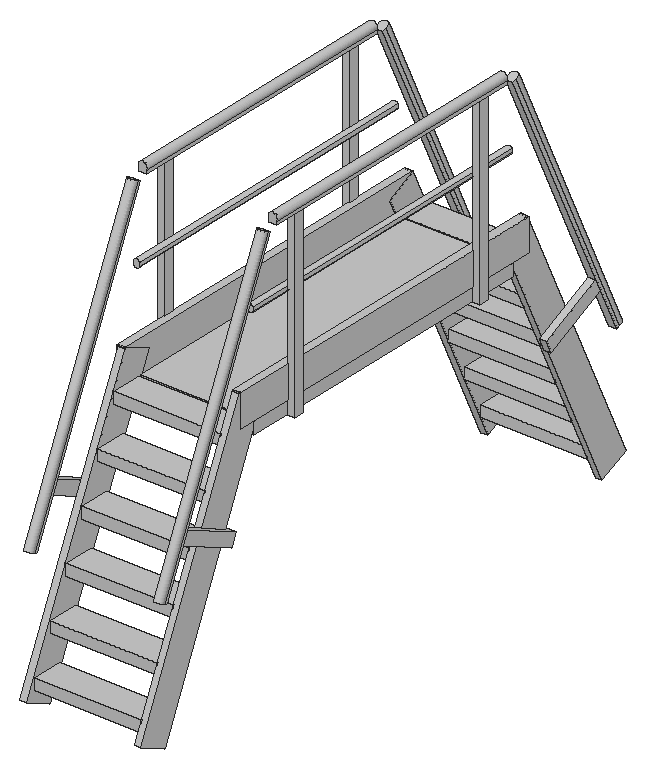
Revit family "Ladder_Crossover_FIXFAST_KOMBI-Step", category Generic Models, Revit 2023
Family settings
  Can host rebar = No
  Round Connector Dimension = Use Diameter
  Part Type = Normal
  OmniClass Number = 23.30.70.21
  OmniClass Title = Stairs
  Work Plane-Based = Yes
  Always vertical = No
  Cut with Voids When Loaded = No
  Maintain Annotation Orientation = No
  Shared = No
  Room Calculation Point = No
Parameters (values of type "65 Degree Incline")
  toprailsideb [instance] = -((Unit Width / 2) + 0' 2 1/2")  # -1' - 2 1/2"
  toprailsidea [instance] = (Unit Width / 2) + 0' 2 1/2"  # 1' - 2 1/2"
  postangle [instance] = 90.00° - Ladder Incline  # 25.00°
  midrailsideb [instance] = -((Unit Width / 2) - 0' 0 3/4")  # -0' - 11 1/4"
  midrailsidea [instance] = (Unit Width / 2) + 0' 0 3/4" + 0' 1 3/8"  # 1' - 2 1/8"
  ladderheight [instance] = Unit Height - 0' 8"  # 3' - 11"
  intermediaterailspacing [instance] = 0' 1 11/16" / cos(Ladder Incline) - (0' 1 11/16" / 2)  # 0' - 3.14922"
  handrail2vis [instance] = Unit Height > 12' 0"  # no
  handrail1vis [instance] = or(Unit Height > 8' 0", Unit Height < 14' 0")  # yes
  Warranty Duration (Years) = 0
  Unit Width [instance] = 2' - 0"
  Unit Height [instance] = Clearance Height + Clearance Above Obstacle + 0' 3"  # 4' - 7"
  Unit Depth [instance] = TopLadderAdjust + (Unit Height / tan(Ladder Incline)) - (0' 5 3/4" / (tan(Ladder Incline)))  # 2' - 4.96565"
  URL = "http://www.fixfastusa.com/"
  Tread Width [instance] = Unit Width  # 2' - 0"
  Tread Pattern [instance] = none
  Tread Depth [instance] = 0' - 8"
  Tread Count [instance] = Number of Steps - 1  # 5
  TopLadderAdjust [instance] = 0' - 6"
  Top Mounting Plate Height [instance] = 0' - 6"
  Standards Conformance = "OSHA 29 CFR 1910.25"
  Specification = "http://www.arcat.com/sdspecs/htm04/05_51_33fix.htm"
  SpecWizard = ""
  Send Message = ""
  Sales Information = "http://www.fixfastusa.com/contact-us/"
  Riser Height [instance] = 0' - 7 1/2"
  Revision = "R1_2017-06"
  Product Properties = ""
  Product Data = "http://www.arcat.com/arcatcos/cos48/arc48709.html"
  Platform Top Finish [instance] = Metal - FIXFAST - Mill Aluminum Grating
  Platform Length [instance] = 6' - 0"
  Number of Steps [instance] = rounddown(Unit Height / Riser Height) - 1  # 6
  Model = "KOMBI Stairs"
  Manufacturer Website = "http://www.fixfastusa.com/"
  Manufacturer Phone - Toll Free = ""
  Manufacturer Phone = "317-769-7710"
  Manufacturer Fax = "317-769-5560"
  Manufacturer Address = "6210 S. Indianapolis Rd.  Whitestown, IN 46075"
  Manufacturer = "FIXFAST USA"
  Maintenance Schedule (Months) = 0
  Locate Side A Tread Next [instance] = (Riser Height) / tan(Ladder Incline)  # 0' - 3.49731"
  Ladder Incline = 65.00°  # constant formula
  Keynote = "05 51 33"
  Installation-Fabrication = ""
  Installation Phase = ""
  Green Building-LEED = "http://www.arcat.com/green/clients/leed_data_48709.html"
  Fixture Finish [instance] = Metal - FIXFAST - Mill Aluminum
  Expected Lifespan (Years) = 0
  Drawn By = "Sumex Design, Inc. / Robert S. Weygant, CSI, CDT, SCIP"
  Description = "FIXFAST KOMBI Crossover Steps - as Specified"
  Default Elevation = 0' - 0"
  Copyright = "©Arcat Inc."
  Construction Details = "http://www.arcat.com/details/fixfast/fixfast.html?coid=48709"
  Clearance Width [instance] = 0' - 0"
  Clearance Height [instance] = 4' - 0"
  Clearance Above Obstacle [instance] = 0' - 4"
  Capacity = "Total Load 5000 lbs  ;  Concentrated Load 1000 lbs"
  Assembly Code = "E1090900"
  Anti Slip Surface [instance] = none
Reference planes (in)
  plane 1 "Back": y = 0
  plane 2 "Bottom": z = 0
  plane 3 "Center (Left/Right)": x = 0
  plane 4 "Left": x = -13.5
  plane 5 "Right": x = 13.5
  plane 6 "Top": z = 55
  plane 7: x = 12
  plane 8: x = -12
  plane 9: y = 72
  plane 10: x = -12.75
  plane 11: x = 12.75
  plane 12: y = 61.71429
  plane 13: y = 10.28571
  plane 14: y = 30.85714
  plane 15: y = 41.14286
  plane 16: y = 51.42857
  plane 17: y = 20.57143
  plane 18: z = 48
  plane 19: z = 52
Forms (in)
  Extrusion 1, solid, material "Metal - FIXFAST - Mill Aluminum" <- "Fixture Finish"
    sketch origin (0, 0, 0) x (0, 1, 0) y (0, 0, 1)
      loop
        line (0, 55) -> (0, 52) -> (72, 52) -> (72, 55) -> (0, 55)
    from -13.5 to 13.5
  Sweep 2, solid, material "Metal - FIXFAST - Mill Aluminum" <- "Fixture Finish"
    path origin (0, 0, 0) x (0, 1, 0) y (0, 0, 1)
      loop
        line (4, 94) -> (68, 94)
    profile "TopRail : as Specified" origin (0, 36, 94) x (0, 0, 1) y (1, 0, 0)
      loop
        arc (-0.48412, 13.625) -> (1, 14.5) -> (-0.48412, 15.375) r 1
        line (-0.48412, 15.375) -> (-1.25, 15.375) -> (-1.25, 13.625) -> (-0.48412, 13.625)
  Sweep 3, solid, material "Metal - FIXFAST - Mill Aluminum" <- "Fixture Finish"
    path origin (0, 0, 0) x (0, 1, 0) y (0, 0, 1)
      loop
        line (4, 94) -> (68, 94)
    profile "TopRail : as Specified" origin (0, 36, 94) x (0, 0, 1) y (1, 0, 0)
      loop
        arc (-0.48412, -15.375) -> (1, -14.5) -> (-0.48412, -13.625) r 1
        line (-0.48412, -13.625) -> (-1.25, -13.625) -> (-1.25, -15.375) -> (-0.48412, -15.375)
  Sweep 4, solid, material "Metal - FIXFAST - Mill Aluminum" <- "Fixture Finish"
    path origin (0, 0, 0) x (0, 1, 0) y (0, 0, 1)
      loop
        line (0, 77) -> (72, 77)
    profile "MidRail : as Specified" origin (0, 36, 77) x (0, 0, 1) y (1, 0, 0)
      loop
        arc (0.43301, 12) -> (0.8125, 12.6875) -> (0.43301, 13.375) r 0.8125
        line (0.43301, 13.375) -> (-0.43301, 13.375)
        arc (-0.43301, 13.375) -> (-0.8125, 12.6875) -> (-0.43301, 12) r 0.8125
        line (-0.43301, 12) -> (0.43301, 12)
  Sweep 5, solid, material "Metal - FIXFAST - Mill Aluminum" <- "Fixture Finish"
    path origin (0, 0, 0) x (0, 1, 0) y (0, 0, 1)
      loop
        line (0, 77) -> (72, 77)
    profile "MidRail : as Specified" origin (0, 36, 77) x (0, 0, 1) y (1, 0, 0)
      loop
        arc (0.43301, -13.375) -> (0.8125, -12.6875) -> (0.43301, -12) r 0.8125
        line (0.43301, -12) -> (-0.43301, -12)
        arc (-0.43301, -12) -> (-0.8125, -12.6875) -> (-0.43301, -13.375) r 0.8125
        line (-0.43301, -13.375) -> (0.43301, -13.375)
  Extrusion 6, solid, material "Metal - FIXFAST - Mill Aluminum" <- "Fixture Finish"
    sketch origin (-43.59721, -180, 55) x (-1, 0, 0) y (0, -1, 0)
      loop
        line (-57.34721, -242.83929) -> (-57.34721, -240.58929) -> (-58.84721, -240.58929) -> (-58.84721, -242.83929) -> (-57.34721, -242.83929)
      loop
        line (-29.84721, -242.83929) -> (-28.34721, -242.83929) -> (-28.34721, -240.58929) -> (-29.84721, -240.58929) -> (-29.84721, -242.83929)
      loop
        line (-57.34721, -191.41071) -> (-57.34721, -189.16071) -> (-58.84721, -189.16071) -> (-58.84721, -191.41071) -> (-57.34721, -191.41071)
      loop
        line (-29.84721, -191.41071) -> (-28.34721, -191.41071) -> (-28.34721, -189.16071) -> (-29.84721, -189.16071) -> (-29.84721, -191.41071)
    from -3 to 38.51588
  Extrusion 7, solid, material "Metal - FIXFAST - Mill Aluminum" <- "Fixture Finish"
    sketch origin (13.5, 16.34522, 48) x (0, 1, 0) y (0, 0, 1)
      loop
        line (-20.46427, 14.25046) -> (-20.46427, 7) -> (59.77384, 7) -> (59.77384, 14.25046) -> (-20.46427, 14.25046)
    from 0.25 to -1.5
  Extrusion 8, solid, material "Metal - FIXFAST - Mill Aluminum" <- "Fixture Finish"
    sketch origin (-13.5, 16.34522, 48) x (0, 1, 0) y (0, 0, 1)
      loop
        line (-20.46427, 14.25046) -> (-20.46427, 7) -> (59.77384, 7) -> (59.77384, 14.25046) -> (-20.46427, 14.25046)
    from 1.5 to -0.25
Cuts and joins
  joined: Sweep 3, Sweep 5
  joined: Sweep 2, Sweep 4
Dimensions and locks (in)
  "Unit Width": plane 8 to plane 7
  "Unit Height": plane 6 "Top" to level
  locked: plane 8 to plane 4 "Left" at 1.5
  locked: plane 5 "Right" to plane 7 at 1.5
  equal spacing: plane 8, plane 3 "Center (Left/Right)", plane 7
  "Platform Length": plane 1 "Back" to plane 9
  locked: plane 6 "Top" to Extrusion 1 sketch curve at 3
  locked: Sweep 2 sketch curve to plane 6 "Top" at 39
  locked: Sweep 3 sketch curve to plane 6 "Top" at 39
  locked: Sweep 4 sketch curve to plane 6 "Top" at 22
  locked: Sweep 5 sketch curve to plane 6 "Top" at 22
  equal spacing: plane 8, plane 10, plane 4 "Left"
  equal spacing: plane 5 "Right", plane 11, plane 7
  equal spacing: plane 9, plane 12, plane 16, plane 15, plane 14, plane 17, plane 13, plane 1 "Back"
  Extrusion 6 sketch curve to Extrusion 6 sketch curve to plane 8 = 0' - 1 1/2" locked, 0' - 1 3/4" locked
  plane 7 to Extrusion 6 sketch curve to Extrusion 6 sketch curve = 0' - 1 3/4" locked, 0' - 1 1/2" locked
  locked: Extrusion 6 sketch curve to Extrusion 6 sketch curve at 1.5  (x2)
  locked: Extrusion 6 sketch curve to plane 8 at 1.75
  locked: plane 7 to Extrusion 6 sketch curve at 1.75
  "Clearance Height": plane 18 to level
  "Clearance Above Obstacle": plane 19 to plane 18
  locked: plane 1 "Back" to Sweep 2 sketch curve at 4
  locked: Sweep 2 sketch curve to plane 9 at 4
  locked: plane 1 "Back" to Sweep 3 sketch curve at 4
  locked: Sweep 3 sketch curve to plane 9 at 4
  aligned and locked: plane 9 to Extrusion 1 sketch curve
  aligned and locked: plane 1 "Back" to Extrusion 1 sketch curve
  aligned and locked: Extrusion 1 sketch curve to plane 6 "Top"
  aligned and locked: Extrusion 1 to plane 4 "Left"
  aligned and locked: plane 5 "Right" to Extrusion 1
  aligned and locked: Extrusion 6 to plane 19
  aligned and locked: plane 1 "Back" to nested 1
  aligned and locked: nested 2 to plane 9
  aligned and locked: Extrusion 7 to plane 7
  aligned and locked: plane 8 to Extrusion 8
  aligned and locked: plane 1 "Back" to Sweep 4 sketch curve
  aligned and locked: plane 9 to Sweep 4 sketch curve
  aligned and locked: plane 1 "Back" to Sweep 5 sketch curve
  aligned and locked: plane 9 to Sweep 5 sketch curve
Automatic sketch dimensions
  plane 12 to Extrusion 6 sketch curve = 0' - 1 1/8"  (x2)
  Extrusion 6 sketch curve to plane 12 = 0' - 1 1/8"  (x2)
  plane 13 to Extrusion 6 sketch curve = 0' - 1 1/8"  (x2)
  Extrusion 6 sketch curve to plane 13 = 0' - 1 1/8"  (x2)
  Extrusion 7 sketch curve to plane 6 "Top" = 0' - 0"
  plane 1 "Back" to Extrusion 7 sketch curve = 0' - 4.11905"
  plane 9 to Extrusion 7 sketch curve = 0' - 4.11905"
  Extrusion 7 sketch curve to Extrusion 7 sketch curve = 0' - 7.25046"
  Extrusion 8 sketch curve to plane 6 "Top" = 0' - 0"
  plane 1 "Back" to Extrusion 8 sketch curve = 0' - 4.11905"
  plane 9 to Extrusion 8 sketch curve = 0' - 4.11905"
  Extrusion 8 sketch curve to Extrusion 8 sketch curve = 0' - 7.25046"
Nested families (in)
  nested 1: "FIXFAST-Step" at (0, 0, 0), Unit Height <- "Unit Height", Unit Width <- "Unit Width", Tread Pattern <- "Tread Pattern", Fixture Finish <- "Fixture Finish", Anti Slip Surface <- "Anti Slip Surface", type "as Specified"
    with treadfirst 0' - 0 1/2", toprailsideb -1' - 2 1/2", toprailsideA 1' - 2 1/2", postangle 25.00°, midrailsideb -0' - 11 1/4", midrailsidea 0' - 11 1/4", intermediaterailspacing 0' - 1.8662", heightremainder 1' - 5", handrail2vis no, handrail1vis yes, Unit Width 2' - 0", Unit Height 4' - 7", Unit Depth 2' - 6.34908", Tread Width 2' - 0", Tread Pattern none, Tread Depth 0' - 7", Tread Count 6, TopLadderAdjust 0' - 7 1/2", Top Mounting Plate Height 0' - 10", Riser Height 0' - 9 1/2", Number of Steps 5, Locate Side A Tread Next 0' - 4.42992", Ladder Incline 65.00°, Fixture Finish Metal - FIXFAST - Mill Aluminum, Anti Slip Surface none, Anti Slip no
  nested 2: "FIXFAST-Step" at (0, 72, 0), Unit Height <- "Unit Height", Unit Width <- "Unit Width", Tread Pattern <- "Tread Pattern", Fixture Finish <- "Fixture Finish", Anti Slip Surface <- "Anti Slip Surface", type "as Specified"
    with treadfirst 0' - 0 1/2", toprailsideb -1' - 2 1/2", toprailsideA 1' - 2 1/2", postangle 25.00°, midrailsideb -0' - 11 1/4", midrailsidea 0' - 11 1/4", intermediaterailspacing 0' - 1.8662", heightremainder 1' - 5", handrail2vis no, handrail1vis yes, Unit Width 2' - 0", Unit Height 4' - 7", Unit Depth 2' - 6.34908", Tread Width 2' - 0", Tread Pattern none, Tread Depth 0' - 7", Tread Count 6, TopLadderAdjust 0' - 7 1/2", Top Mounting Plate Height 0' - 10", Riser Height 0' - 9 1/2", Number of Steps 5, Locate Side A Tread Next 0' - 4.42992", Ladder Incline 65.00°, Fixture Finish Metal - FIXFAST - Mill Aluminum, Anti Slip Surface none, Anti Slip no
Definition of nested family "FIXFAST-Step"
  Parameters
    treadfirst [instance] = 0' - 0 1/2"  # constant formula
    toprailsideb [instance] = -((Unit Width / 2) + 0' 2 1/2")  # -1' - 5 1/4"
    toprailsideA [instance] = (Unit Width / 2) + 0' 2 1/2"  # 1' - 5 1/4"
    postangle [instance] = 90.00° - Ladder Incline  # 25.00°
    midrailsideb [instance] = -((Unit Width / 2) - 0' 0 3/4")  # -1' - 2"
    midrailsidea [instance] = (Unit Width / 2) - 0' 0 3/4"  # 1' - 2"
    intermediaterailspacing [instance] = 0' 1" / cos(Ladder Incline) - (0' 1" / 2)  # 0' - 1.8662"
    heightremainder [instance] = Unit Height - (Riser Height * (Number of Steps - 1))  # 0' - 10 1/2"
    handrail2vis [instance] = Unit Height > 12' 0"  # no
    handrail1vis [instance] = or(Unit Height > 8' 0", Unit Height < 14' 0")  # yes
    Warranty Duration (Years) = 0
    Unit Width [instance] = 2' - 5 1/2"
    Unit Height [instance] = 8' - 0"
    Unit Depth [instance] = TopLadderAdjust + (Unit Height / tan(Ladder Incline)) - (0' 6" / (tan(Ladder Incline)))  # 4' - 1.09269"
    URL = ""
    Tread Width [instance] = Unit Width  # 2' - 5 1/2"
    Tread Type = Tread : Grating
    Tread Pattern [instance] = none
    Tread Depth [instance] = 0' - 6 1/8"
    Tread Count [instance] = if(heightremainder > Riser Height * 1.5, Number of Steps + 1, Number of Steps)  # 10
    TopLadderAdjust [instance] = 0' - 7 1/8"
    Top Mounting Plate Height [instance] = 0' - 10"
    Top Guardrail Height = 3' - 8"
    Specification = ""
    SpecWizard = ""
    Send Message = ""
    Sales Information = ""
    Riser Height [instance] = 0' - 9 1/2"
    Revision = "R1_01-2014"
    Product Properties = ""
    Product Data = ""
    Number of Steps [instance] = rounddown(Unit Height / Riser Height)  # 10
    Model = "As Specified"
    Manufacturer Website = ""
    Manufacturer Phone - Toll Free = ""
    Manufacturer Phone = ""
    Manufacturer Fax = ""
    Manufacturer Address = ""
    Manufacturer = ""
    Maintenance Schedule (Months) = 0
    Locate Side A Tread Next [instance] = (Riser Height) / tan(Ladder Incline)  # 0' - 4.42992"
    Ladder Incline [instance] = 65.00°  # constant formula
    Keynote = ""
    Installation-Fabrication = ""
    Installation Phase = ""
    Green Building-LEED = ""
    Fixture Finish [instance] = none
    Expected Lifespan (Years) = 0
    Drawn By = "Sumex Design, Inc. / Robert S. Weygant, CSI, CDT, SCIP"
    Description = ""
    Default Elevation = 0' - 0"
    Copyright = "©Arcat Inc."
    Construction Details = ""
    Capacity = "as Specified"
    Bottom Guardrail Height = 3' - 8"
    Assembly Code = ""
    Anti Slip Surface [instance] = none
    Anti Slip [instance] = no
  Reference planes (in)
    plane 1 "Back": y = 0
    plane 2 "Bottom": z = 0
    plane 3 "Center (Left/Right)": x = 0
    plane 4 "Left": x = -16.25
    plane 5 "Right": x = 16.25
    plane 6 "Top": z = 96
    plane 7: x = 14.75
    plane 8: x = -14.75
    plane 9: z = 5.75
    plane 10: y = -49.09269
    plane 11: y = -7.125
    plane 12: z = 96
    plane 13: z = 86.5
    plane 14: y = -0.5
    plane 15: y = -4.92992
    plane 16: z = 144.50269
    plane 17: y = 1
  Forms (in)
    Sweep 1, solid, material <- "Fixture Finish"
      path origin (0, -49.09269, 5.75) x (0, 0.422618, 0.906308) y (0, -0.906308, 0.422618)
        loop
          line (-2.67014, 0) -> (107.57986, 0)
      profile origin (0, -26.92431, 53.29025) x (0, -0.906308, 0.422618) y (1, 0, 0)
        loop
          line (0, 14.75) -> (0, 16.25) -> (-7.125, 16.25) -> (-7.125, 14.75) -> (0, 14.75)
        loop
          line (0, -14.75) -> (-7.125, -14.75) -> (-7.125, -16.25) -> (0, -16.25) -> (0, -14.75)
    Sweep 2, solid, material <- "Fixture Finish"
      path origin (0, 0, 0) x (0, 1, 0) y (0, 0, 1)
        loop
          line (-46.54018, 31.04081) -> (1, 132.99106)
      profile "TopRail : as Specified" origin (0, -22.77009, 82.01594) x (0, -0.906308, 0.422618) y (1, 0, 0)
        loop
          arc (-0.48412, 16.375) -> (1, 17.25) -> (-0.48412, 18.125) r 1
          line (-0.48412, 18.125) -> (-1.25, 18.125) -> (-1.25, 16.375) -> (-0.48412, 16.375)
    Sweep 3, solid, material <- "Fixture Finish"
      path origin (0, -25.49477, 76.17285) x (0, 0.422618, 0.906308) y (0, -0.906308, 0.422618)
        loop
          line (-49.79769, 0) -> (62.69196, 0)
      profile "TopRail : as Specified" origin (0, -22.77009, 82.01594) x (0, -0.906308, 0.422618) y (1, 0, 0)
        loop
          line (-0.48412, -16.375) -> (-1.25, -16.375) -> (-1.25, -18.125) -> (-0.48412, -18.125)
          arc (-0.48412, -18.125) -> (1, -17.25) -> (-0.48412, -16.375) r 1
    Sweep 4, solid, material <- "Fixture Finish"
      path origin (0, -33.87843, 38.37708) x (0, -0.906308, 0.422618) y (0, -0.422618, -0.906308)
        loop
          line (-8, 0) -> (8.375, 0)
      profile origin (0, -34.04836, 38.45632) x (0, -0.422618, -0.906308) y (1, 0, 0)
        loop
          line (-1.5, 16.5) -> (1.5, 16.5) -> (1.5, 18) -> (-1.5, 18) -> (-1.5, 16.5)
        loop
          line (-1.5, -16.5) -> (-1.5, -18) -> (1.5, -18) -> (1.5, -16.5) -> (-1.5, -16.5)
  Lines and regions (in)
    reference lines
      curve 1: line (0, -49.09269, 5.75) -> (0, -7.00842, 96)
      curve 2: line (0, -3.62748, 103.25046) -> (0, 5.88875, 98.81297)
      curve 3: line (0, -25.49477, 76.17285) -> (0, 3.89812, 139.20609)
      curve 4: line (0, -38.94985, 27.50139) -> (0, -47.10662, 31.30495)
      curve 5: line (0, -33.87843, 38.37708) -> (0, -42.0352, 42.18064)
  Dimensions and locks (in)
    "Unit Width": plane 8 to plane 7
    "Unit Height": plane 6 "Top" to level
    locked: plane 8 to plane 4 "Left" at 1.5
    locked: plane 5 "Right" to plane 7 at 1.5
    locked: plane 9 to level at 5.75
    "Unit Depth": plane 10 to plane 1 "Back"
    "TopLadderAdjust": plane 11 to plane 1 "Back"
    equal spacing: plane 8, plane 3 "Center (Left/Right)", plane 7
    locked: curve 2 to curve 1 at 8
    locked: curve 1 to curve 3 at 8.375
    locked: plane 6 "Top" to plane 12
    "Riser Height": plane 13 to plane 12
    "treadfirst": plane 14 to plane 1 "Back"
    "Locate Side A Tread Next": plane 15 to plane 14
    equal spacing: group 1, group 2, group 3, group 4, group 5, group 6, group 7, group 8, group 9, group 10
    equal spacing: group 10, group 9, group 8, group 7, group 6, group 5, group 4, group 3, group 2, group 1  (x2)
    plane 16 to plane 6 "Top" = 4' - 0.50269"
    Sweep 4 sketch curve to Sweep 4 sketch curve to plane 5 "Right" = 0' - 1 1/2" locked, 0' - 0 1/4" locked
    locked: Sweep 4 sketch curve to Sweep 4 sketch curve at 1.5
    locked: plane 4 "Left" to Sweep 4 sketch curve at 0.25
    locked: curve 4 to curve 1 at 24
    locked: curve 5 to curve 4 at 12
    locked: plane 1 "Back" to plane 17 at 1
    "Ladder Incline": angle level to curve 1
    aligned and locked: plane 10 to curve 1
    aligned and locked: plane 9 to curve 1
    aligned and locked: plane 6 "Top" to curve 1
    aligned and locked: Sweep 1 sketch curve to plane 7
    aligned and locked: plane 5 "Right" to Sweep 1 sketch curve
    aligned and locked: Sweep 1 sketch curve to plane 8
    aligned and locked: plane 4 "Left" to Sweep 1 sketch curve
    aligned and locked: nested 1 to plane 12
    aligned and locked: nested 2 to plane 13
    aligned and locked: plane 14 to nested 1
    aligned and locked: nested 2 to plane 15
    aligned and locked: plane 3 "Center (Left/Right)" to nested 1
    aligned and locked: plane 3 "Center (Left/Right)" to nested 3
    aligned and locked: Sweep 2 sketch curve to curve 3
    aligned and locked: Sweep 1 sketch curve to curve 2
    aligned and locked: curve 4 to Sweep 2 sketch curve
    aligned and locked: curve 4 to Sweep 3 sketch curve
    aligned and locked: Sweep 4 sketch curve to curve 3
    aligned and locked: Sweep 4 sketch curve to curve 5
    aligned and locked: plane 17 to Sweep 2 sketch curve
    aligned and locked: plane 17 to Sweep 3 sketch curve
  Automatic sketch dimensions
    Sweep 1 sketch curve to curve 1 = 0' - 0"
    Sweep 1 sketch curve to curve 1 = 0' - 2.67014"
    Sweep 1 sketch curve to profile plane = 0' - 0"  (x2)
    profile plane to Sweep 1 sketch curve = 0' - 7 1/8"  (x2)
    curve 1 to curve 4 = 0' - 0"
    curve 1 to curve 5 = 0' - 0"
    curve 1 to curve 2 = 0' - 0"
    curve 4 to curve 3 = 4' - 1.79769"
    curve 2 to curve 3 = 2' - 11.76732"
    curve 2 to curve 1 = 0' - 10 1/2"
    curve 3 to curve 4 = 0' - 0 5/8"
    curve 1 to curve 5 = 0' - 9"
    curve 3 to Sweep 3 sketch curve = 0' - 0"
    profile plane to Sweep 4 sketch curve = 0' - 1 1/2"  (x2)
    Sweep 4 sketch curve to profile plane = 0' - 1 1/2"  (x2)
    Sweep 4 sketch curve to curve 5 = 0' - 8"
  Nested families (in)
    nested 1: "Tread" at (0, -0.5, 96), type <- "Tread Type", tread pattern <- "Tread Pattern", finish <- "Fixture Finish", Anti Slip Surface <- "Anti Slip Surface", width <- "Tread Width", depth <- "Tread Depth", Anti Slip <- "Anti Slip", type "Grating"
      with width 2' - 5 1/2", tread pattern none, finish none, depth 0' - 6 1/8", Anti Slip Surface none, Anti Slip no
    nested 2: "Tread" at (0, -4.92992, 86.5), type <- "Tread Type", tread pattern <- "Tread Pattern", finish <- "Fixture Finish", Anti Slip Surface <- "Anti Slip Surface", width <- "Tread Width", depth <- "Tread Depth", Anti Slip <- "Anti Slip", type "Grating"
      with width 2' - 5 1/2", tread pattern none, finish none, depth 0' - 6 1/8", Anti Slip Surface none, Anti Slip no
    nested 3: "Tread" at (0, -9.35985, 77), type <- "Tread Type", tread pattern <- "Tread Pattern", finish <- "Fixture Finish", Anti Slip Surface <- "Anti Slip Surface", width <- "Tread Width", depth <- "Tread Depth", Anti Slip <- "Anti Slip", type "Grating"
      with width 2' - 5 1/2", tread pattern none, finish none, depth 0' - 6 1/8", Anti Slip Surface none, Anti Slip no
    nested 4: "Tread" at (0, -13.78977, 67.5), type <- "Tread Type", tread pattern <- "Tread Pattern", finish <- "Fixture Finish", Anti Slip Surface <- "Anti Slip Surface", width <- "Tread Width", depth <- "Tread Depth", Anti Slip <- "Anti Slip", type "Grating"
      with width 2' - 5 1/2", tread pattern none, finish none, depth 0' - 6 1/8", Anti Slip Surface none, Anti Slip no
    nested 5: "Tread" at (0, -18.21969, 58), type <- "Tread Type", tread pattern <- "Tread Pattern", finish <- "Fixture Finish", Anti Slip Surface <- "Anti Slip Surface", width <- "Tread Width", depth <- "Tread Depth", Anti Slip <- "Anti Slip", type "Grating"
      with width 2' - 5 1/2", tread pattern none, finish none, depth 0' - 6 1/8", Anti Slip Surface none, Anti Slip no
    nested 6: "Tread" at (0, -22.64961, 48.5), type <- "Tread Type", tread pattern <- "Tread Pattern", finish <- "Fixture Finish", Anti Slip Surface <- "Anti Slip Surface", width <- "Tread Width", depth <- "Tread Depth", Anti Slip <- "Anti Slip", type "Grating"
      with width 2' - 5 1/2", tread pattern none, finish none, depth 0' - 6 1/8", Anti Slip Surface none, Anti Slip no
    nested 7: "Tread" at (0, -27.07954, 39), type <- "Tread Type", tread pattern <- "Tread Pattern", finish <- "Fixture Finish", Anti Slip Surface <- "Anti Slip Surface", width <- "Tread Width", depth <- "Tread Depth", Anti Slip <- "Anti Slip", type "Grating"
      with width 2' - 5 1/2", tread pattern none, finish none, depth 0' - 6 1/8", Anti Slip Surface none, Anti Slip no
    nested 8: "Tread" at (0, -31.50946, 29.5), type <- "Tread Type", tread pattern <- "Tread Pattern", finish <- "Fixture Finish", Anti Slip Surface <- "Anti Slip Surface", width <- "Tread Width", depth <- "Tread Depth", Anti Slip <- "Anti Slip", type "Grating"
      with width 2' - 5 1/2", tread pattern none, finish none, depth 0' - 6 1/8", Anti Slip Surface none, Anti Slip no
    nested 9: "Tread" at (0, -35.93938, 20), type <- "Tread Type", tread pattern <- "Tread Pattern", finish <- "Fixture Finish", Anti Slip Surface <- "Anti Slip Surface", width <- "Tread Width", depth <- "Tread Depth", Anti Slip <- "Anti Slip", type "Grating"
      with width 2' - 5 1/2", tread pattern none, finish none, depth 0' - 6 1/8", Anti Slip Surface none, Anti Slip no
    nested 10: "Tread" at (0, -40.3693, 10.5), type <- "Tread Type", tread pattern <- "Tread Pattern", finish <- "Fixture Finish", Anti Slip Surface <- "Anti Slip Surface", width <- "Tread Width", depth <- "Tread Depth", Anti Slip <- "Anti Slip", type "Grating"
      with width 2' - 5 1/2", tread pattern none, finish none, depth 0' - 6 1/8", Anti Slip Surface none, Anti Slip no
  Definition of nested family "Tread"
    Parameters
      width [instance] = 1' - 3.83536"
      tread pattern [instance] = none
      finish [instance] = none
      depth [instance] = 0' - 8"
      Default Elevation = 0' - 0"
      Anti Slip [instance] = yes
      Anti Slip Surface [instance] = none
    Reference planes (in)
      plane 1 "Center (Front/Back)": y = 0
      plane 2: z = 0
      plane 3 "Center (Left/Right)": x = 0
      plane 4: x = -7.91768
      plane 5: x = 7.91768
      plane 6: y = -8
      plane 7: y = -4
    Forms (in)
      Extrusion 1, solid, material <- "finish"
        sketch origin (0, 0, 0) x (0, 1, 0) y (0, 0, 1)
          loop
            line (-8, 0) -> (-8, -2.5) -> (0, -2.5) -> (0, 0) -> (-8, 0)
        from -7.91768 to 7.91768
      Extrusion 2, solid, material <- "Anti Slip Surface", visible <- "Anti Slip"
        sketch origin (0, 0, 0) x (1, 0, 0) y (0, 1, 0)
          loop
            line (-6.91768, -0.5) -> (-6.91768, -3.5) -> (6.91768, -3.5) -> (6.91768, -0.5) -> (-6.91768, -0.5)
          loop
            line (6.91768, -7.5) -> (6.91768, -4.5) -> (-6.91768, -4.5) -> (-6.91768, -7.5) -> (6.91768, -7.5)
        from 0 to 0.0625
    Dimensions and locks (in)
      equal spacing: plane 5, plane 3 "Center (Left/Right)", plane 4
      "width": plane 5 to plane 4
      "depth": plane 6 to plane 1 "Center (Front/Back)"
      equal spacing: plane 6, plane 7, plane 1 "Center (Front/Back)"
      Extrusion 2 sketch curve to plane 7 to Extrusion 2 sketch curve = 0' - 0 1/2" locked, 0' - 0 1/2" locked
      locked: Extrusion 2 sketch curve to plane 1 "Center (Front/Back)" at 0.5
      locked: Extrusion 2 sketch curve to plane 6 at 0.5
      Extrusion 2 sketch curve to Extrusion 2 sketch curve to plane 5 = 0' - 0" locked, 0' - 1" locked
      plane 4 to Extrusion 2 sketch curve to Extrusion 2 sketch curve = 0' - 1" locked, 0' - 0" locked
      aligned and locked: plane 2 to level
      aligned and locked: Extrusion 1 sketch curve to plane 6
      aligned and locked: Extrusion 1 sketch curve to plane 1 "Center (Front/Back)"
      aligned and locked: Extrusion 1 to plane 4
      aligned and locked: plane 5 to Extrusion 1
    Automatic sketch dimensions
      Extrusion 1 sketch curve to level = 0' - 0"
      Extrusion 1 sketch curve to Extrusion 1 sketch curve = 0' - 2 1/2"
